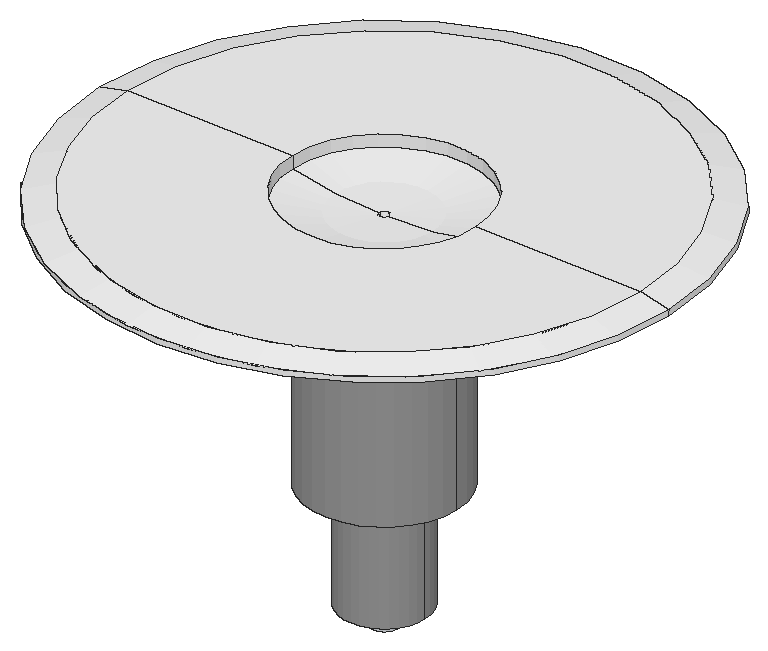
Revit family "Lighting_Outside_L&L-Luce&Light_Moby-1.1", category Lighting Fixtures, host Face, Revit 2020
Family settings
  Host = Face
  Round Connector Dimension = Use Diameter
  Part Type = Normal
  Cut with Voids When Loaded = No
  Light Source = Yes
  Shared = No
  Room Calculation Point = No
Parameters (values of type "MOBY 1.1 L - 2700K 9W 24Vdc")
  ghiera = L&L Luce&Light - Glass
  Youtube clip = ""
  Weight Net (Kg) = "1.6"
  Wattage = 9.2903 W
  Uniformat II Description = "Lighting & Branch Wiring"
  Uniformat II Code = "D5020"
  Uniclass 2015 Name = "Lighting"
  Uniclass 2015 Code = "EF_70_80"
  Uniclass 2.0 Description = "Lighting Systems"
  Uniclass 2.0 Code = "SS-70-80"
  Uniclass 1.4 Description = "Light beam systems"
  Uniclass 1.4 Code = "L762214"
  UNSPSC Code = "3911"
  Technical description = "https://www.lucelight.it/media/prodotti/st/ST_MOBY_11.pdf"
  Region South America = "AR, BO, BR, CL, CO, EC, FK, GF, GY, PE, PY, SR, UY, VE"
  Region Oceania = "AS, AU, CK, FJ, FM, GU, KI, MH, MP, NC, NF, NR, NU, NZ, PF, PG, PN, PW, SB, TK, TL, TO, TV, UM, WF, WS, VU"
  Region North America = "AG, AI, AW, BB, BL, BM, BQ, BS, BZ, CA, CR, CU, CW, DM, DO, GD, GL, GP, GT, HN, HT, JM, KN, KY, LC, MF, MQ, MS, MX, NI, PA, PM, PR, SV, SX, TC, TT, US, VC, VG, VI"
  Region Middle East = "AE, AF, BH, EG, IL, IQ, IR, JO, KW, LB, OM, PS, QA, SA, SY, TR, YE"
  Region Europe = "AD, AL, AT, AX, BA, BE, BG, BY, CH, CY, CZ, DE, DK, EE, ES, FI, FO, FR, GB, GG, GI, GR, HR, HU, IE, IM, IS, IT, JE, LI, LT, LU, LV, MC, MD, ME, MK, MT, NL, NO, PL, PT, RO, RS, RU, SE, SI, SJ, SK, SM, UA, VA"
  Region Asia = "AM, AZ, BD, BN, BT, CC, CN, CX, GE, HK, ID, IN, IO, JP, KG, KH, KP, KR, KZ, LA, LK, MM, MN, MO, MV, MY, NP, PH, PK, SG, TH, TJ, TM, TW, UZ, VN"
  Region Antarctica = "None"
  Region Africa = "AO, BF, BI, BJ, BW, CD, CF, CG, CI, CM, CV, DJ, DZ, EH, ER, ET, GA, GH, GM, GN, GQ, GW, KE, KM, LR, LS, LY, MA, MG, ML, MR, MU, MW, MZ, NA, NE, NG, RE, RW, SC, SD, SH, SL, SN, SO, SS, ST, SZ, TD, TG, TN, TZ, UG, YT, ZA, ZM, ZW"
  QR code = "http://bimobject.com/luce-and-light/product/Moby_11"
  Product url = "http://www.lucelight.it/en/prodotto.php/7620"
  Product group = "Recessed"
  Product family = "Underwater"
  Product data url = "https://bimobject.com/luce-and-light/product/Moby_11"
  Product certification = ""
  Product SKU = "Moby_11"
  Product Guid = "571b7984-b609-4731-a16d-41fb9032d228"
  OmniClass Description = "Lighting Fixtures"
  OmniClass Code = "23-35 47 11"
  Nominal width = "134 mm"
  Nominal height = "Ø180 mm"
  NBS Reference Description = "Lighting Systems"
  NBS Reference Code = "70-80"
  Material secondary = "Plastic"
  Material main = "Glass"
  Masterformat 2014 Description = "Lighting"
  Masterformat 2014 Code = "26 50 00"
  Manufacturer name = "L&L Luce&Light"
  Manufacturer country = "Italy"
  Luce-Light_lumen-output-at-source = "507 lm (3000K),  RGBW: 295 lm, R: 47 lm G: 85 lm B: 24 lm W: 139 lm (4000K),  cyan: 260 lm"
  Luce-Light_Total_flow_rate = ""
  Luce-Light_Screen_material = "tempered extra-clear glass"
  Luce-Light_Rated_power_input = ""
  Luce-Light_Power_Class = "24Vdc"
  Luce-Light_Power = "9W"
  Luce-Light_Optical_assembly = "22°, 34°, 62°, 31°x64°"
  Luce-Light_Note = "suitable for underwater applications in salt water, only suitable for underwater applications"
  Luce-Light_Mounting = "recessed (wall), max depth 10 m"
  Luce-Light_LED_light_sources = "1 power LED group, RGBW: 1 power LED RGBW group, Cyan: 1 power LED Cyan group"
  Luce-Light_LED_light_intensity = ""
  Luce-Light_LED_colour = "2700K, 3000K, 4000K, cyan, RGBW"
  Luce-Light_IP = "68"
  Luce-Light_IK = "10"
  Luce-Light_Finishes_material = ""
  Luce-Light_Color_Rendering_Index_CRI = "≥80"
  Luce-Light_Classification = "CE"
  Luce-Light_Body_material = "thermally conductive plastic, glass cover"
  Luce-Light_Applications = "underwater"
  Luce-Light_Accessories = "Honeycomb louvre, Outer casing"
  Installation instructions = "https://www.lucelight.it/media/prodotti/si/DIEIMO311_Moby_11-21-31.pdf"
  IFC Classification = "Light Fixture"
  GTIN code = ""
  Edition number = 1
  Dimming Lamp Color Temperature Shift = <None>
  URL = "https://www.lucelight.it/en/"
  built-in parameter 1150107 = 3200 (stored number, unit not read)
  Design country = "Italy"
  Default Elevation = 1219.2 mm
  Manufacturer = "L&L Luce&Light"
  built-in parameter 1150110 = 1 (stored number, unit not read)
  built-in parameter 1150109 = 1 (stored number, unit not read)
  Date of publishing = "12/19/2018"
  COBIe Type Category = ""
  Brand url = "https://www.lucelight.it/en/"
  built-in parameter 1114218 = 1 (stored number, unit not read)
  built-in parameter 1150112 = 1 (stored number, unit not read)
  Model = "Moby 1.1"
  built-in parameter 1150137 = (empty or 0)
  built-in parameter 1150132 = (empty or 0)
  Lamp = "LED"
  built-in parameter 1150105 = 109.82 (stored number, unit not read)
  built-in parameter 1150102 = (empty or 0)
  built-in parameter 1150106 = 1.0982 (stored number, unit not read)
  Lumens = 1380 lm
  Color Filter = 16777215
  Photometric Web File = "MOBY 1.1 L [2700K 9W 24Vdc].IES"
  built-in parameter 1114217 = 1 (stored number, unit not read)
  built-in parameter 1150139 = (empty or 0)
  Emit from Line Length = 609.6 mm
  built-in parameter 1150104 = 13.8 (stored number, unit not read)
  built-in parameter 1150115 = 1 (stored number, unit not read)
  built-in parameter 1150114 = 1 (stored number, unit not read)
  built-in parameter 1150113 = 1 (stored number, unit not read)
  Diametro apparecchio = 180 mm
  Description = ""
  Wattage Comments = ""
  built-in parameter 1150134 = 3
  built-in parameter 1150138 = (empty or 0)
  built-in parameter 1114216 [instance] = 1 (stored number, unit not read)
  BIMobject main category code = "lighting"
  BIMobject main category = "Lighting"
  BIMobject category code = "lighting-outside"
  BIMobject category = "Outside"
  Assembly Code = ""
  Apparent Load = 9 VA
  Apparecchio = L&L Luce&Light - Thermally conductive plastic
  Tilt Angle = 60.00°
  built-in parameter 1150133 = 10 (stored number, unit not read)
Types (20, lengths in mm): name | Photometric Web File
  MOBY 1.1 L - 2700K 9W 24Vdc | "MOBY 1.1 L [2700K 9W 24Vdc].IES"
  MOBY 1.1 L - 3000K 9W 24Vdc | "MOBY 1.1 L [3000K 9W 24Vdc].IES"
  MOBY 1.1 L - 4000K 9W 24Vdc | "MOBY 1.1 L [4000K 9W 24Vdc].IES"
  MOBY 1.1 L - CYAN 9W 24Vdc | "MOBY 1.1 L [CYAN 9W 24Vdc].IES"
  MOBY 1.1 L - RGBW 9W 24Vdc | "MOBY 1.1 L [RGBW 9W 24Vdc].IES"
  MOBY 1.1 M - 2700K 9W 24Vdc | "MOBY 1.1 M [2700K 9W 24Vdc].IES"
  MOBY 1.1 M - 3000K 9W 24Vdc | "MOBY 1.1 M [3000K 9W 24Vdc].IES"
  MOBY 1.1 M - 4000K 9W 24Vdc | "MOBY 1.1 M [4000K 9W 24Vdc].IES"
  MOBY 1.1 M - CYAN 9W 24Vdc | "MOBY 1.1 M [CYAN 9W 24Vdc].IES"
  MOBY 1.1 M - RGBW 9W 24Vdc | "MOBY 1.1 M [RGBW 9W 24Vdc].IES"
  MOBY 1.1 S - 2700K 9W 24Vdc | "MOBY 1.1 S [2700K 9W 24Vdc].IES"
  MOBY 1.1 S - 3000K 9W 24Vdc | "MOBY 1.1 S [3000K 9W 24Vdc].IES"
  MOBY 1.1 S - 4000K 9W 24Vdc | "MOBY 1.1 S [4000K 9W 24Vdc].IES"
  MOBY 1.1 S - CYAN 9W 24Vdc | "MOBY 1.1 S [CYAN 9W 24Vdc].IES"
  MOBY 1.1 S - RGBW 9W 24Vdc | "MOBY 1.1 S [RGBW 9W 24Vdc].IES"
  MOBY 1.1 W - 2700K 9W 24Vdc | "MOBY 1.1 W [2700K 9W 24Vdc].IES"
  MOBY 1.1 W - 3000K 9W 24Vdc | "MOBY 1.1 W [3000K 9W 24Vdc].IES"
  MOBY 1.1 W - 4000K 9W 24Vdc | "MOBY 1.1 W [4000K 9W 24Vdc].IES"
  MOBY 1.1 W - CYAN 9W 24Vdc | "MOBY 1.1 W [CYAN 9W 24Vdc].IES"
  MOBY 1.1 W - RGBW 9W 24Vdc | "MOBY 1.1 W [RGBW 9W 24Vdc].IES"
Reference planes
  plane 1 "Centro (Fronte/Retro)": y = 0
  plane 2: z = 0
  plane 3 "Centro (Sinistra/Destra)": x = 0
Forms (mm)
  Revolve 1, solid, material "L&L Luce&Light - Glass" <- "ghiera"
    sketch origin (0, 0, 0) x (1, 0, 0) y (0, 0, 1)
      loop
        line (-28.995, 3.68) -> (-81.131, 3.68) -> (-90, 1.632) -> (-90, 0) -> (-34.918, 0)
        arc (-34.918, 0) -> (-18.465, -6.397) -> (-0.813, -6.132) r 46.044
        line (-0.813, -6.132) -> (-1.497, -2.89)
        arc (-1.497, -2.89) -> (-15.337, -2.307) -> (-28.995, 0) r 110.735
        line (-28.995, 0) -> (-28.995, 3.68)
      axis (0, 3.68) -> (0, -6.132)
    angle from 0 to 360
  Revolve 2, solid, material "Acciaio, qualità superiore"
    sketch origin (0, 0, 0) x (1, 0, 0) y (0, 0, 1)
      loop
        line (-12.943, -113) -> (-2.943, -113) -> (-2.943, -7.516) -> (-37.943, -7.516) -> (-37.943, -18.571) -> (-22.943, -18.571) -> (-22.943, -78.571) -> (-12.943, -78.571) -> (-12.943, -113)
      axis (0, -7.516) -> (0, -113)
    angle from 0 to 360
  Revolve 3, solid
    sketch origin (0, 0, 0) x (1, 0, 0) y (0, 0, 1)
      loop
        line (-4.115, -113) -> (-4.115, -118.706) -> (-1.613, -118.706) -> (-1.613, -113) -> (-4.115, -113)
      axis (0, -113) -> (0, -118.706)
    angle from 0 to 360
Dimensions and locks
  aligned and locked: plane 2 to host face
  aligned and locked: level to host face
Connectors
  electrical at (0, 0, 0)
    settings: on Revolve 1, index 1, voltage 24 V, apparent load 0 VA, apparent load phase1 9 VA, apparent load phase2 0 VA, apparent load phase3 0 VA, power factor 1, load classification "Altro", number of poles 1, system type 31, power factor state 1, is connector primary yes, connector utility no, sub classification motor no, connector description ""
